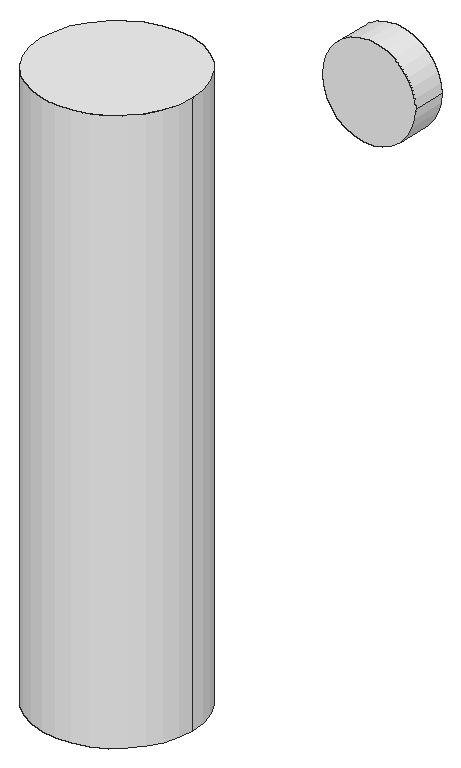
Revit family "Deca_Torneira para jardim_Torneira 1130_1130", category Plumbing Fixtures, host Face, Revit 2019
Family settings
  Host = Face
  Round Connector Dimension = Use Radius
  Part Type = Normal
  Cut with Voids When Loaded = No
  Shared = No
  Room Calculation Point = No
Parameters (values of type "1130.BC_Cromado")
  Vazão na Pressão mín. (L/min) = "14 l/min"
  Vazão na Pressão máx. (L/min) = "50 l/min"
  URL = "www.deca.com.br"
  Tipo de rosca de saída = "-"
  Tipo de rosca de entrada = "BSP NBR 8133"
  Tipo de mecanismo utilizado = "Mecanismo de Vedação Substituível"
  Tipo de dispositivo economizador = "Não"
  Segmento = "Banheiro Competitivo"
  Saída de Esgoto = "-"
  Raio Água Fria = 7.5 mm  # constant formula
  Pressão mín. funcionamento = "2 MCA"
  Pressão mín. Aquec. Passagem = "-"
  Pressão mín. Aquec. Acúmulo = "-"
  Pressão máx. funcionamento = "40 MCA"
  Peso Líquido (Kg) = 0.347
  Norma = "NBR10281"
  Model = "1130.BC"
  Material = Deca_Cromado
  Manufacturer = "Deca"
  Linha = "Torneira 1130"
  Itens de Instalação = "-"
  Informações Complementares = "-"
  Description = "Torneira para jardim"
  Default Elevation = 1100 mm
  Diâmetro Água Fria = Raio Água Fria * 2  # 15 mm
  Código Pai = "1130"
  Criado por = "quattroD"
  Cores Componente = "-"
  Cor Secundária = "-"
  Cor Principal = "Cromado"
  Cor Interna = "-"
  Consumo = "-"
  Composição Componente = "-"
  Composição Básica = "Liga de Cobre (bronze e latão),Plásticos de Engenharia,Elastômeros"
  Composição Assento = "-"
  Composição Anel Vedação = "-"
  Categoria = "METAIS PARA AREA SERVICO"
  Atendimento ao Cliente = "0800-0117073"
  Aprovado por = "quattroD"
  Acompanha o Produto = "-"
Reference planes
  plane 1 "Center (Front/Back)": y = 0
  plane 2: z = 0
  plane 3 "Center (Left/Right)": x = 0
Forms (mm)
  Extrusion 1, solid, material "Deca_Cromado"
    sketch origin (-0.005, 20.43, 20.43) x (0, -1, 0) y (1, 0, 0)
      loop
        circle (20.43, 0) r 10.564
    from 0 to 78.791
  Extrusion 2, solid, material "Deca_Cromado"
    sketch origin (0, -66.591, 352.776) x (1, 0, 0) y (0, 0, -1)
      loop
        circle (0.013, 275.763) r 6.45
    from 110.315 to 114.916
Lines and regions (mm)
  Masking region 1
    outline origin (0, 0, 0) x (1, 0, 0) y (0, 1, 0)
      loop
        line (9.511, 39.466) -> (6.472, 39.466) -> (6.472, 43.567) -> (7.027, 48.088) -> (23.479, 48.088) -> (23.479, 51.086)
        arc (23.479, 51.086) -> (22.792, 54.609) -> (21.132, 57.79) r 12.493
        arc (21.132, 57.79) -> (20.597, 58.359) -> (19.977, 58.832) r 4.777
        arc (19.977, 58.832) -> (17.413, 59.588) -> (14.849, 58.832) r 4.725
        arc (14.849, 58.832) -> (11.69, 59.509) -> (9.292, 57.343) r 3.548
        arc (9.292, 57.343) -> (5.568, 56.38) -> (1.844, 57.343) r 7.679
        arc (1.844, 57.343) -> (1.893, 58.418) -> (1.214, 59.252) r 1.51
        arc (1.214, 59.252) -> (-0.073, 59.617) -> (-1.34, 59.186) r 2.25
        arc (-1.34, 59.186) -> (-2.086, 58.263) -> (-2.02, 57.077) r 1.653
        arc (-2.02, 57.077) -> (-5.588, 56.56) -> (-9.156, 57.077) r 12.574
        arc (-9.156, 57.077) -> (-9.876, 58.815) -> (-11.614, 59.535) r 2.458
        arc (-11.614, 59.535) -> (-13.086, 59.572) -> (-14.431, 58.977) r 3.355
        arc (-14.431, 58.977) -> (-14.885, 58.862) -> (-15.282, 59.108) r 0.599
        arc (-15.282, 59.108) -> (-16.337, 59.476) -> (-17.448, 59.588) r 4.771
        arc (-17.448, 59.588) -> (-19.478, 59.099) -> (-21.105, 57.792) r 4.777
        arc (-21.105, 57.792) -> (-22.728, 54.717) -> (-23.44, 51.314) r 12.491
        line (-23.44, 51.314) -> (-23.44, 48.088) -> (-7.002, 48.088) -> (-6.447, 43.567) -> (-6.447, 39.385) -> (-9.498, 39.385)
        arc (-9.498, 39.385) -> (-9.997, 39.251) -> (-10.361, 38.887) r 0.997
        line (-10.361, 38.887) -> (-14.268, 32.12) -> (-14.268, 23.917) -> (-12.694, 22.343) -> (-10.551, 22.343) -> (-10.551, -0.053)
        arc (-10.551, -0.053) -> (-10.246, -3.078) -> (-9.343, -5.982) r 15.152
        arc (-9.343, -5.982) -> (-8.951, -8.959) -> (-8.82, -11.96) r 34.427
        line (-8.82, -11.96) -> (-8.82, -16.863)
        arc (-8.82, -16.863) -> (-10.382, -17.33) -> (-11.709, -18.277) r 4.963
      loop
        line (-11.615, -18.183) -> (-13.379, -19.947)
        arc (-13.379, -19.947) -> (-13.755, -20.473) -> (-13.941, -21.093) r 1.971
        line (-13.941, -21.093) -> (-13.941, -26.149)
        arc (-13.941, -26.149) -> (-13.609, -27.172) -> (-12.741, -27.806) r 1.745
        line (-12.741, -27.806) -> (-11.665, -28.515)
        arc (-11.665, -28.515) -> (-11.083, -28.846) -> (-10.464, -29.099) r 5.225
        line (-10.464, -29.099) -> (-8.98, -29.598) -> (-7.223, -30.013) -> (-5.247, -30.333) -> (-3.11, -30.548) -> (-0.879, -30.65) -> (1.379, -30.638) -> (3.596, -30.511) -> (5.704, -30.274) -> (7.639, -29.933) -> (9.343, -29.499) -> (10.763, -28.985) -> (12.637, -27.887)
        arc (12.637, -27.887) -> (13.473, -27.149) -> (13.968, -26.149) r 2.897
        line (13.968, -26.149) -> (13.968, -21.093)
        arc (13.968, -21.093) -> (13.791, -20.493) -> (13.436, -19.978) r 1.977
        line (13.436, -19.978) -> (11.735, -18.278)
        arc (11.735, -18.278) -> (10.407, -17.315) -> (8.845, -16.813) r 5.21
        line (8.845, -16.813) -> (8.845, -11.96)
        arc (8.845, -11.96) -> (9.017, -8.689) -> (9.529, -5.454) r 31.294
        arc (9.529, -5.454) -> (10.312, -3.045) -> (10.577, -0.526) r 12.115
        line (10.577, -0.526) -> (10.577, 22.343) -> (12.72, 22.343) -> (14.306, 23.929) -> (14.306, 32.099) -> (10.387, 38.887)
        arc (10.387, 38.887) -> (10.022, 39.251) -> (9.524, 39.385) r 0.997
  Masking region 2
    outline origin (0, 0, 0) x (1, 0, 0) y (0, 0, 1)
      loop
        line (9.868, 20.43) -> (10.554, 20.826) -> (10.554, 58.74)
        arc (10.554, 58.74) -> (11.963, 58.973) -> (13.386, 59.097) r 18.441
        arc (13.386, 59.097) -> (14.648, 59.241) -> (15.802, 59.773) r 4
        arc (15.802, 59.773) -> (16.615, 60.442) -> (17.283, 61.255) r 5.443
        arc (17.283, 61.255) -> (17.781, 62.292) -> (17.963, 63.428) r 4
        arc (17.963, 63.428) -> (19.141, 69.134) -> (22.343, 74.002) r 15.501
        arc (22.343, 74.002) -> (23.018, 74.934) -> (23.399, 76.02) r 4
        arc (23.399, 76.02) -> (23.501, 77.067) -> (23.399, 78.115) r 5.443
        arc (23.399, 78.115) -> (23.018, 79.2) -> (22.343, 80.132) r 4
        arc (22.343, 80.132) -> (19.141, 85) -> (17.963, 90.706) r 15.501
        arc (17.963, 90.706) -> (17.781, 91.842) -> (17.283, 92.879) r 4
        arc (17.283, 92.879) -> (16.615, 93.692) -> (15.802, 94.361) r 5.443
        arc (15.802, 94.361) -> (14.648, 94.893) -> (13.386, 95.037) r 4
        arc (13.386, 95.037) -> (11.963, 95.161) -> (10.554, 95.394) r 18.441
        arc (10.554, 95.394) -> (10.467, 101.45) -> (9.932, 107.483) r 81.74
        line (9.932, 107.483) -> (10.855, 108.473) -> (12.175, 110.344) -> (13.147, 112.401) -> (13.742, 114.585) -> (13.944, 116.849)
        arc (13.944, 116.849) -> (14.015, 117.876) -> (13.944, 118.904) r 7.512
        line (13.944, 118.904) -> (13.62, 121.251) -> (12.921, 123.407) -> (11.852, 125.42) -> (10.444, 127.231) -> (8.736, 128.79) -> (6.778, 130.051) -> (4.626, 130.978) -> (2.342, 131.545) -> (-0.01, 131.736)
        arc (-0.01, 131.736) -> (-1.514, 131.608) -> (-3.012, 131.424) r 40.504
        line (-3.012, 131.424) -> (-5.266, 130.754) -> (-7.37, 129.73) -> (-9.263, 128.381) -> (-10.891, 126.747) -> (-12.208, 124.874) -> (-13.176, 122.816) -> (-13.768, 120.63) -> (-13.964, 118.396) -> (-13.964, 116.834) -> (-13.894, 115.51) -> (-13.46, 113.292) -> (-12.641, 111.175) -> (-11.461, 109.22) -> (-9.856, 107.372)
        arc (-9.856, 107.372) -> (-10.503, 101.4) -> (-10.574, 95.394) r 62.523
        arc (-10.574, 95.394) -> (-11.984, 95.161) -> (-13.407, 95.037) r 18.441
        arc (-13.407, 95.037) -> (-14.669, 94.893) -> (-15.823, 94.361) r 4
        arc (-15.823, 94.361) -> (-16.635, 93.692) -> (-17.304, 92.879) r 5.443
        arc (-17.304, 92.879) -> (-17.802, 91.842) -> (-17.984, 90.706) r 4
        arc (-17.984, 90.706) -> (-19.162, 85) -> (-22.364, 80.132) r 15.501
        arc (-22.364, 80.132) -> (-23.039, 79.2) -> (-23.42, 78.114) r 4
        arc (-23.42, 78.114) -> (-23.522, 77.067) -> (-23.42, 76.02) r 5.443
        arc (-23.42, 76.02) -> (-23.039, 74.934) -> (-22.364, 74.002) r 4
        arc (-22.364, 74.002) -> (-19.162, 69.134) -> (-17.984, 63.428) r 15.501
        arc (-17.984, 63.428) -> (-17.786, 62.242) -> (-17.244, 61.168) r 4
        arc (-17.244, 61.168) -> (-16.633, 60.445) -> (-15.91, 59.833) r 5.668
        arc (-15.91, 59.833) -> (-14.836, 59.292) -> (-13.65, 59.094) r 4
        arc (-13.65, 59.094) -> (-12.11, 59.036) -> (-10.574, 58.909) r 33.974
        line (-10.574, 58.909) -> (-10.574, 21.116) -> (-9.889, 20.43) -> (-9.889, 1) -> (-8.889, 0) -> (8.868, 0) -> (9.868, 1) -> (9.868, 20.43)
  Masking region 3
    outline origin (0, 0, 0) x (0, 1, 0) y (0, 0, 1)
      loop
        arc (51.238, 53.605) -> (54.66, 54.278) -> (57.762, 55.87) r 12.491
        arc (57.762, 55.87) -> (58.96, 57.183) -> (59.594, 58.842) r 4.771
        arc (59.594, 58.842) -> (59.577, 60.683) -> (58.888, 62.39) r 4.946
        arc (58.888, 62.39) -> (59.217, 62.847) -> (59.445, 63.361) r 2.745
        arc (59.445, 63.361) -> (59.677, 64.821) -> (59.445, 66.281) r 4.712
        arc (59.445, 66.281) -> (58.481, 67.559) -> (56.935, 67.974) r 2.461
        arc (56.935, 67.974) -> (56.311, 71.597) -> (56.698, 75.252) r 13.357
        line (56.698, 75.252) -> (58.462, 75.407)
        arc (58.462, 75.407) -> (59.042, 75.596) -> (59.474, 76.026) r 1.315
        arc (59.474, 76.026) -> (59.672, 76.731) -> (59.654, 77.464) r 2.459
        arc (59.654, 77.464) -> (59.381, 78.167) -> (58.814, 78.664) r 1.584
        arc (58.814, 78.664) -> (57.819, 78.831) -> (56.811, 78.887) r 9.08
        arc (56.811, 78.887) -> (56.418, 82.568) -> (57.041, 86.218) r 13.49
        arc (57.041, 86.218) -> (59.385, 87.816) -> (59.505, 90.651) r 3.163
        arc (59.505, 90.651) -> (59.223, 91.217) -> (58.896, 91.76) r 7.937
        arc (58.896, 91.76) -> (59.581, 93.471) -> (59.59, 95.314) r 4.936
        arc (59.59, 95.314) -> (58.952, 96.963) -> (57.758, 98.266) r 4.772
        arc (57.758, 98.266) -> (54.624, 99.869) -> (51.167, 100.533) r 12.493
        line (51.167, 100.533) -> (48.169, 100.533) -> (48.169, 84.052) -> (43.567, 83.487) -> (43.567, 81.084) -> (42.954, 80.471) -> (42.954, 83.017) -> (39.466, 83.017) -> (39.466, 86.549)
        arc (39.466, 86.549) -> (39.332, 87.047) -> (38.967, 87.412) r 0.997
        line (38.967, 87.412) -> (32.179, 91.33) -> (24.01, 91.33) -> (22.017, 89.338) -> (18.564, 89.338)
        arc (18.564, 89.338) -> (12.907, 91.681) -> (10.564, 97.338) r 8
        arc (10.564, 97.338) -> (8.483, 108.018) -> (1.64, 116.478) r 22.535
        line (1.64, 116.478) -> (-0.053, 117.757)
        arc (-0.053, 117.757) -> (-6.911, 121.451) -> (-14.226, 124.123) r 54.176
        arc (-14.226, 124.123) -> (-15.212, 124.801) -> (-15.703, 125.893) r 2.218
        line (-15.703, 125.893) -> (-15.627, 127.969) -> (-16.93, 130.188) -> (-21.985, 131.736) -> (-22.995, 131.003) -> (-26.79, 118.613) -> (-30.579, 106.22) -> (-30.152, 105.048) -> (-25.096, 103.502) -> (-22.774, 104.611) -> (-21.675, 106.375)
        arc (-21.675, 106.375) -> (-20.678, 107.191) -> (-19.39, 107.229) r 1.999
        line (-19.39, 107.229) -> (-14.462, 105.487)
        arc (-14.462, 105.487) -> (-11.609, 102.639) -> (-10.564, 98.745) r 7.779
        line (-10.564, 98.745) -> (-10.564, 21.116) -> (-9.879, 20.43) -> (-9.879, 1) -> (-8.879, 0) -> (8.879, 0) -> (9.879, 1) -> (9.879, 20.43) -> (10.564, 21.116) -> (10.564, 56.757)
        arc (10.564, 56.757) -> (12.911, 62.399) -> (18.557, 64.738) r 8
        line (18.557, 64.738) -> (22.017, 64.738) -> (23.981, 62.774) -> (32.23, 62.774) -> (38.967, 66.664)
        arc (38.967, 66.664) -> (39.332, 67.028) -> (39.466, 67.527) r 0.997
        line (39.466, 67.527) -> (39.466, 71.058) -> (42.954, 71.058) -> (42.954, 73.604) -> (43.723, 73.452) -> (43.723, 70.563) -> (48.193, 70.014) -> (48.193, 53.583) -> (51.39, 53.583)
  symbolic lines
    curve 1: arc (-21.105, 57.792, 0) -> (-22.766, 54.609, 0) -> (-23.453, 51.086, 0) r 12.491
    curve 2: arc (-19.493, 56.506, 0) -> (-20.197, 55.349, 0) -> (-20.747, 54.112, 0) r 10.488
    curve 3: arc (-20.054, 56.918, 0) -> (-21.375, 54.418, 0) -> (-22.028, 51.668, 0) r 11.191
    curve 4: arc (-17.448, 59.588, 0) -> (-19.478, 59.099, 0) -> (-21.105, 57.792, 0) r 4.777
    curve 5: line (-23.471, 48.169, 0) -> (23.497, 48.169, 0)
    curve 6: line (-23.471, 48.169, 0) -> (-23.471, 50.796, 0)
    curve 7: line (-22.341, 50.587, 0) -> (-22.341, 48.088, 0)
    curve 8: line (-17.961, 48.088, 0) -> (-17.961, 50.587, 0)
    curve 9: line (-16.356, 48.088, 0) -> (-16.356, 50.796, 0)
    curve 10: line (-3.052, 48.088, 0) -> (-3.052, 50.587, 0)
    curve 11: line (23.497, 50.835, 0) -> (23.497, 48.169, 0)
    curve 12: line (23.497, 50.835, 0) -> (23.497, 48.169, 0)
    curve 13: arc (23.479, 51.086, 0) -> (22.792, 54.609, 0) -> (21.132, 57.79, 0) r 12.493
    curve 14: line (8.708, 53.272, 0) -> (7.929, 55.771, 0)
    curve 15: line (3.757, 55.771, 0) -> (5.71, 53.272, 0)
    curve 16: line (3.757, 55.771, 0) -> (3.445, 53.729, 0)
    curve 17: arc (5.71, 53.272, 0) -> (3.78, 53.023, 0) -> (1.896, 52.533, 0) r 15.402
    curve 18: line (-5.685, 53.272, 0) -> (-3.731, 55.771, 0)
    curve 19: line (-3.731, 55.771, 0) -> (-3.419, 53.729, 0)
    curve 20: arc (-1.896, 52.541, 0) -> (-3.767, 53.026, 0) -> (-5.685, 53.272, 0) r 15.402
    curve 21: line (-1.787, 56.408, 0) -> (-3.837, 56.151, 0)
    curve 22: line (3.862, 56.151, 0) -> (1.905, 56.396, 0)
    curve 23: line (4.999, 52.012, 0) -> (6.351, 52.17, 0)
    curve 24: line (4.999, 52.012, 0) -> (6.351, 52.17, 0)
    curve 25: line (7.782, 52.223, 0) -> (9.272, 52.17, 0)
    curve 26: line (6.351, 52.17, 0) -> (7.782, 52.223, 0)
    curve 27: line (3.744, 51.755, 0) -> (4.999, 52.012, 0)
    curve 28: line (2.6, 51.406, 0) -> (3.744, 51.755, 0)
    curve 29: line (9.272, 52.17, 0) -> (10.796, 52.012, 0)
    curve 30: line (10.796, 52.012, 0) -> (12.332, 51.755, 0)
    curve 31: line (12.332, 51.755, 0) -> (13.857, 51.406, 0)
    curve 32: arc (13.857, 51.406, 0) -> (14.332, 51.308, 0) -> (14.814, 51.261, 0) r 4.56
    curve 33: line (3.077, 50.587, 0) -> (3.077, 48.088, 0)
    curve 34: line (13.652, 48.088, 0) -> (13.652, 50.587, 0)
    curve 35: line (16.855, 48.088, 0) -> (16.855, 50.796, 0)
    curve 36: line (16.382, 50.796, 0) -> (16.382, 48.088, 0)
    curve 37: line (17.986, 50.587, 0) -> (17.986, 48.088, 0)
    curve 38: line (22.366, 48.088, 0) -> (22.366, 50.639, 0)
    curve 39: line (20.772, 52.517, 0) -> (20.772, 54.112, 0)
    curve 40: line (20.772, 52.517, 0) -> (20.772, 54.112, 0)
    curve 41: arc (22.053, 51.668, 0) -> (21.4, 54.42, 0) -> (20.078, 56.92, 0) r 11.193
    curve 42: arc (-15.73, 57.918, 0) -> (-18.073, 58.199, 0) -> (-20.054, 56.918, 0) r 3.472
    curve 43: line (-20.747, 54.112, 0) -> (-20.747, 52.517, 0)
    curve 44: line (-3.837, 56.151, 0) -> (-5.813, 56.075, 0)
    curve 45: line (-5.813, 56.075, 0) -> (-7.686, 56.182, 0)
    curve 46: line (-7.904, 55.771, 0) -> (-8.683, 53.272, 0)
    curve 47: line (-7.904, 55.771, 0) -> (-8.683, 53.272, 0)
    curve 48: line (-9.847, 53.164, 0) -> (-11.022, 53.001, 0)
    curve 49: line (-8.683, 53.272, 0) -> (-9.847, 53.164, 0)
    curve 50: line (-11.022, 53.001, 0) -> (-13.367, 52.517, 0)
    curve 51: line (-11.022, 53.001, 0) -> (-13.367, 52.517, 0)
    curve 52: line (-13.627, 50.587, 0) -> (-13.627, 48.088, 0)
    curve 53: line (0.667, 51.486, 0) -> (0.66, 52.516, 0)
    curve 54: line (-0.636, 52.395, 0) -> (-0.642, 51.523, 0)
    curve 55: line (-1.896, 52.541, 0) -> (-1.905, 51.406, 0)
    curve 56: line (1.923, 56.003, 0) -> (3.757, 55.771, 0)
    curve 57: line (-3.731, 55.771, 0) -> (-1.805, 56.015, 0)
    curve 58: line (-16.984, 54.089, 0) -> (-17.982, 53.272, 0)
    curve 59: line (-21.391, 50.935, 0) -> (-22.341, 50.587, 0)
    curve 60: line (-19.247, 53.001, 0) -> (-20.747, 52.517, 0)
    curve 61: line (-16.83, 50.796, 0) -> (-16.83, 48.088, 0)
    curve 62: arc (-15.282, 59.108, 0) -> (-16.337, 59.476, 0) -> (-17.448, 59.588, 0) r 4.771
    curve 63: line (-7.686, 56.182, 0) -> (-9.41, 56.464, 0)
    curve 64: line (-7.686, 56.182, 0) -> (-9.41, 56.464, 0)
    curve 65: arc (20.772, 54.112, 0) -> (20.223, 55.349, 0) -> (19.518, 56.506, 0) r 10.488
    curve 66: arc (21.132, 57.79, 0) -> (20.597, 58.359, 0) -> (19.977, 58.832, 0) r 4.777
    curve 67: arc (-19.493, 56.506, 0) -> (-17.948, 57.511, 0) -> (-16.132, 57.199, 0) r 2.525
    curve 68: line (-14.003, 53.399, 0) -> (-14.134, 52.54, 0)
    curve 69: line (-14.134, 52.54, 0) -> (-14.219, 51.668, 0)
    curve 70: line (-13.367, 52.517, 0) -> (-14.219, 51.668, 0)
    curve 71: arc (-14.793, 51.261, 0) -> (-14.308, 51.308, 0) -> (-13.832, 51.406, 0) r 4.56
    curve 72: line (7.711, 56.182, 0) -> (5.838, 56.075, 0)
    curve 73: line (5.838, 56.075, 0) -> (3.862, 56.151, 0)
    curve 74: line (9.436, 56.464, 0) -> (7.711, 56.182, 0)
    curve 75: line (9.436, 56.464, 0) -> (7.711, 56.182, 0)
    curve 76: line (7.929, 55.771, 0) -> (9.834, 56.066, 0)
    curve 77: line (9.873, 53.164, 0) -> (8.708, 53.272, 0)
    curve 78: line (11.048, 53.001, 0) -> (9.873, 53.164, 0)
    curve 79: line (13.393, 52.517, 0) -> (11.048, 53.001, 0)
    curve 80: line (13.393, 52.517, 0) -> (11.048, 53.001, 0)
    curve 81: line (15.797, 54.091, 0) -> (15.944, 53.258, 0)
    curve 82: line (16.053, 52.395, 0) -> (16.053, 51.407, 0)
    curve 83: line (15.944, 53.258, 0) -> (16.053, 52.395, 0)
    curve 84: line (15.612, 54.906, 0) -> (15.797, 54.091, 0)
    curve 85: arc (-13.627, 50.587, 0) -> (-8.339, 51.423, 0) -> (-3.052, 50.587, 0) r 17.133
    curve 86: arc (-13.832, 51.406, 0) -> (-7.868, 52.355, 0) -> (-1.905, 51.406, 0) r 19.225
    curve 87: arc (-21.391, 50.935, 0) -> (-20.42, 51.224, 0) -> (-19.421, 51.39, 0) r 8.15
    curve 88: arc (-19.421, 51.39, 0) -> (-18.542, 51.26, 0) -> (-17.961, 50.587, 0) r 1.274
    curve 89: arc (-22.028, 51.668, 0) -> (-22.756, 51.242, 0) -> (-23.471, 50.796, 0) r 29.639
    curve 90: arc (-22.341, 50.587, 0) -> (-22.903, 50.471, 0) -> (-23.471, 50.388, 0) r 9.887
    curve 91: line (-20.747, 52.517, 0) -> (-22.028, 51.668, 0)
    curve 92: arc (-17.982, 53.272, 0) -> (-18.621, 53.168, 0) -> (-19.247, 53.001, 0) r 6.408
    curve 93: line (-17.23, 52.804, 0) -> (-17.336, 51.919, 0)
    curve 94: line (-17.09, 53.617, 0) -> (-17.23, 52.804, 0)
    curve 95: line (-16.691, 55.191, 0) -> (-16.91, 54.414, 0)
    curve 96: line (-16.435, 55.943, 0) -> (-16.691, 55.191, 0)
    curve 97: line (-16.143, 56.669, 0) -> (-16.435, 55.943, 0)
    curve 98: line (-16.143, 56.669, 0) -> (-16.435, 55.943, 0)
    curve 99: line (-16.103, 51.443, 0) -> (-16.015, 52.516, 0)
    curve 100: line (-16.015, 52.516, 0) -> (-15.875, 53.531, 0)
    curve 101: line (-15.875, 53.531, 0) -> (-15.672, 54.553, 0)
    curve 102: line (-15.672, 54.553, 0) -> (-15.412, 55.546, 0)
    curve 103: line (-22.154, 51.406, 0) -> (-21.141, 51.755, 0)
    curve 104: line (-21.141, 51.755, 0) -> (-20.224, 52.012, 0)
    curve 105: line (-20.224, 52.012, 0) -> (-19.42, 52.17, 0)
    curve 106: arc (-19.42, 52.17, 0) -> (-18.358, 52.209, 0) -> (-17.336, 51.919, 0) r 3.406
    curve 107: arc (-13.627, 50.587, 0) -> (-14.718, 50.415, 0) -> (-15.808, 50.587, 0) r 3.535
    curve 108: arc (-15.808, 50.587, 0) -> (-15.325, 50.961, 0) -> (-14.793, 51.261, 0) r 4.216
    curve 109: arc (-15.808, 50.587, 0) -> (-15.847, 51.052, 0) -> (-16.103, 51.443, 0) r 0.948
    curve 110: arc (-14.003, 53.399, 0) -> (-13.394, 55.626, 0) -> (-12.289, 57.652, 0) r 9.945
    curve 111: arc (-15.412, 55.546, 0) -> (-14.788, 57.228, 0) -> (-13.847, 58.755, 0) r 9.091
    curve 112: arc (-15.204, 57.662, 0) -> (-14.029, 57.679, 0) -> (-13.036, 57.052, 0) r 2.065
    curve 113: line (-7.002, 48.088, 0) -> (-6.447, 43.567, 0)
    curve 114: line (-6.437, 43.723, 0) -> (6.492, 43.723, 0)
    curve 115: line (6.472, 43.567, 0) -> (7.027, 48.088, 0)
    curve 116: line (6.472, 43.567, 0) -> (-6.447, 43.567, 0)
    curve 117: line (-5.967, 39.385, 0) -> (-5.967, 42.873, 0)
    curve 118: line (5.992, 42.873, 0) -> (5.992, 39.385, 0)
    curve 119: line (-5.967, 42.873, 0) -> (5.992, 42.873, 0)
    curve 120: line (9.524, 39.385, 0) -> (-9.498, 39.385, 0)
    curve 121: arc (-9.498, 39.385, 0) -> (-9.997, 39.251, 0) -> (-10.361, 38.887, 0) r 0.997
    curve 122: arc (10.387, 38.887, 0) -> (10.022, 39.251, 0) -> (9.524, 39.385, 0) r 0.997
    curve 123: line (10.387, 38.887, 0) -> (-10.361, 38.887, 0)
    curve 124: line (-10.361, 38.887, 0) -> (-14.268, 32.12, 0)
    curve 125: line (-14.268, 32.12, 0) -> (-14.268, 23.917, 0)
    curve 126: line (-10.114, 32.052, 0) -> (-10.043, 23.929, 0)
    curve 127: line (10.14, 23.955, 0) -> (10.069, 32.099, 0)
    curve 128: line (10.14, 23.955, 0) -> (10.069, 32.099, 0)
    curve 129: line (14.306, 23.929, 0) -> (14.306, 32.099, 0)
    curve 130: line (14.306, 23.929, 0) -> (14.306, 32.099, 0)
    curve 131: line (14.306, 32.099, 0) -> (10.387, 38.887, 0)
    curve 132: line (12.72, 22.343, 0) -> (-12.694, 22.343, 0)
    curve 133: line (12.72, 22.343, 0) -> (-12.694, 22.343, 0)
    curve 134: line (-14.268, 23.917, 0) -> (-12.694, 22.343, 0)
    curve 135: line (14.306, 23.929, 0) -> (12.72, 22.343, 0)
    curve 136: line (-10.551, -0.053, 0) -> (-10.551, 22.343, 0)
    curve 137: line (10.577, -0.054, 0) -> (10.577, 22.343, 0)
    curve 138: line (10.577, -0.054, 0) -> (10.577, 22.343, 0)
    curve 139: line (-13.941, -21.093, 0) -> (-13.941, -26.149, 0)
    curve 140: line (13.968, -26.149, 0) -> (13.968, -21.093, 0)
    curve 141: line (-13.513, -27.154, 0) -> (-13.898, -26.472, 0)
    curve 142: line (-12.741, -27.806, 0) -> (-13.513, -27.154, 0)
    curve 143: line (-12.741, -27.806, 0) -> (-11.83, -28.406, 0)
    curve 144: line (-10.464, -29.099, 0) -> (-11.629, -28.533, 0)
    curve 145: line (-8.98, -29.598, 0) -> (-10.464, -29.099, 0)
    curve 146: line (-8.98, -29.598, 0) -> (-10.464, -29.099, 0)
    curve 147: line (-7.223, -30.013, 0) -> (-8.98, -29.598, 0)
    curve 148: line (-5.247, -30.333, 0) -> (-7.223, -30.013, 0)
    curve 149: line (-3.11, -30.548, 0) -> (-5.247, -30.333, 0)
    curve 150: line (-0.879, -30.65, 0) -> (-3.11, -30.548, 0)
    curve 151: line (3.596, -30.511, 0) -> (1.379, -30.638, 0)
    curve 152: line (1.379, -30.638, 0) -> (-0.879, -30.65, 0)
    curve 153: line (5.704, -30.274, 0) -> (3.596, -30.511, 0)
    curve 154: line (7.639, -29.933, 0) -> (5.704, -30.274, 0)
    curve 155: line (9.343, -29.499, 0) -> (7.639, -29.933, 0)
    curve 156: line (9.343, -29.499, 0) -> (7.639, -29.933, 0)
    curve 157: line (10.763, -28.985, 0) -> (9.343, -29.499, 0)
    curve 158: line (11.856, -28.406, 0) -> (10.763, -28.985, 0)
    curve 159: line (11.856, -28.406, 0) -> (12.766, -27.806, 0)
    curve 160: arc (12.766, -27.806, 0) -> (13.518, -27.087, 0) -> (13.968, -26.149, 0) r 2.897
    curve 161: line (-13.742, -25.461, 0) -> (-13.149, -24.792, 0)
    curve 162: line (-13.149, -24.792, 0) -> (-12.179, -24.162, 0)
    curve 163: line (-12.179, -24.162, 0) -> (-10.86, -23.59, 0)
    curve 164: line (-12.179, -24.162, 0) -> (-10.86, -23.59, 0)
    curve 165: line (-10.86, -23.59, 0) -> (-9.23, -23.09, 0)
    curve 166: line (-9.23, -23.09, 0) -> (-7.336, -22.678, 0)
    curve 167: line (-9.23, -23.09, 0) -> (-7.336, -22.678, 0)
    curve 168: line (-7.336, -22.678, 0) -> (-5.231, -22.365, 0)
    curve 169: line (-5.231, -22.365, 0) -> (-2.977, -22.161, 0)
    curve 170: line (-2.977, -22.161, 0) -> (-0.636, -22.07, 0)
    curve 171: line (2.365, -22.124, 0) -> (4.649, -22.298, 0)
    curve 172: line (4.649, -22.298, 0) -> (6.802, -22.582, 0)
    curve 173: line (6.802, -22.582, 0) -> (8.759, -22.967, 0)
    curve 174: line (8.759, -22.967, 0) -> (10.467, -23.444, 0)
    curve 175: line (10.467, -23.444, 0) -> (11.875, -23.999, 0)
    curve 176: line (11.875, -23.999, 0) -> (12.944, -24.614, 0)
    curve 177: line (12.944, -24.614, 0) -> (13.643, -25.274, 0)
    curve 178: line (-5.247, -23.402, 0) -> (-3.11, -23.188, 0)
    curve 179: line (-7.223, -23.722, 0) -> (-5.247, -23.402, 0)
    curve 180: line (-8.98, -24.137, 0) -> (-7.223, -23.722, 0)
    curve 181: line (-10.464, -24.636, 0) -> (-8.98, -24.137, 0)
    curve 182: line (-11.629, -25.202, 0) -> (-10.464, -24.636, 0)
    curve 183: line (-12.44, -25.819, 0) -> (-11.629, -25.202, 0)
    curve 184: line (-3.11, -23.188, 0) -> (-0.879, -23.085, 0)
    curve 185: line (-0.879, -23.085, 0) -> (0.013, -23.076, 0)
    curve 186: line (0.013, -23.076, 0) -> (2.263, -23.133, 0)
    curve 187: line (0.013, -23.076, 0) -> (2.263, -23.133, 0)
    curve 188: line (2.263, -23.133, 0) -> (4.445, -23.304, 0)
    curve 189: line (4.445, -23.304, 0) -> (6.492, -23.584, 0)
    curve 190: line (6.492, -23.584, 0) -> (8.342, -23.963, 0)
    curve 191: line (8.342, -23.963, 0) -> (9.939, -24.43, 0)
    curve 192: line (9.939, -24.43, 0) -> (11.235, -24.972, 0)
    curve 193: line (11.235, -24.972, 0) -> (12.19, -25.571, 0)
    curve 194: line (12.19, -25.571, 0) -> (12.774, -26.209, 0)
    curve 195: arc (-12.44, -25.819, 0) -> (-12.934, -26.815, 0) -> (-12.44, -27.811, 0) r 1.251
    curve 196: arc (12.774, -26.209, 0) -> (13.074, -27.075, 0) -> (12.647, -27.885, 0) r 1.152
    curve 197: arc (-0.636, -22.07, 0) -> (0.865, -22.054, 0) -> (2.365, -22.124, 0) r 25.963
    curve 198: line (-11.709, -18.277, 0) -> (-13.379, -19.946, 0)
    curve 199: line (-11.315, -18.71, 0) -> (-9.78, -18.185, 0)
    curve 200: line (-12.526, -19.302, 0) -> (-11.315, -18.71, 0)
    curve 201: line (-9.78, -18.185, 0) -> (-7.964, -17.744, 0)
    curve 202: line (-7.964, -17.744, 0) -> (-5.921, -17.398, 0)
    curve 203: line (-5.921, -17.398, 0) -> (-3.707, -17.158, 0)
    curve 204: line (-3.707, -17.158, 0) -> (-1.387, -17.031, 0)
    curve 205: line (0.013, -17.011, 0) -> (2.365, -17.069, 0)
    curve 206: line (0.013, -17.011, 0) -> (2.365, -17.069, 0)
    curve 207: line (-1.387, -17.031, 0) -> (0.013, -17.011, 0)
    curve 208: line (2.365, -17.069, 0) -> (4.649, -17.243, 0)
    curve 209: line (4.649, -17.243, 0) -> (6.801, -17.526, 0)
    curve 210: line (6.801, -17.526, 0) -> (8.759, -17.912, 0)
    curve 211: line (8.759, -17.912, 0) -> (10.466, -18.389, 0)
    curve 212: line (10.466, -18.389, 0) -> (11.875, -18.943, 0)
    curve 213: line (10.466, -18.389, 0) -> (11.875, -18.943, 0)
    curve 214: line (10.466, -18.389, 0) -> (11.875, -18.943, 0)
    curve 215: line (13.404, -19.946, 0) -> (11.734, -18.277, 0)
    curve 216: line (11.875, -18.943, 0) -> (12.943, -19.559, 0)
    curve 217: arc (13.404, -19.946, 0) -> (13.781, -20.473, 0) -> (13.968, -21.093, 0) r 1.977
    curve 218: arc (-13.379, -19.946, 0) -> (-13.755, -20.473, 0) -> (-13.941, -21.093, 0) r 1.971
    curve 219: line (-8.82, -11.96, 0) -> (-8.82, -16.863, 0)
    curve 220: line (8.845, -16.813, 0) -> (8.845, -11.96, 0)
    curve 221: arc (-11.709, -18.277, 0) -> (-10.382, -17.33, 0) -> (-8.82, -16.863, 0) r 4.963
    curve 222: arc (8.845, -16.813, 0) -> (10.407, -17.315, 0) -> (11.734, -18.277, 0) r 5.21
    curve 223: line (-4.893, -16.008, 0) -> (-2.877, -15.809, 0)
    curve 224: line (-6.761, -16.307, 0) -> (-4.893, -16.008, 0)
    curve 225: line (-8.423, -16.697, 0) -> (-6.761, -16.307, 0)
    curve 226: line (-2.877, -15.809, 0) -> (-0.772, -15.715, 0)
    curve 227: line (0.013, -15.707, 0) -> (2.134, -15.762, 0)
    curve 228: line (-0.772, -15.715, 0) -> (0.013, -15.707, 0)
    curve 229: line (-0.772, -15.715, 0) -> (0.013, -15.707, 0)
    curve 230: line (2.134, -15.762, 0) -> (4.19, -15.923, 0)
    curve 231: line (4.19, -15.923, 0) -> (6.12, -16.186, 0)
    curve 232: line (6.12, -16.186, 0) -> (7.863, -16.544, 0)
    curve 233: line (7.863, -16.544, 0) -> (9.369, -16.984, 0)
    curve 234: line (-9.828, -17.165, 0) -> (-8.423, -16.697, 0)
    curve 235: arc (-8.028, -16.604, 0) -> (-0.034, -15.192, 0) -> (7.96, -16.604, 0) r 23.333
    curve 236: arc (-8.82, -11.96, 0) -> (-8.951, -8.959, 0) -> (-9.343, -5.982, 0) r 34.427
    curve 237: arc (-10.551, -0.053, 0) -> (-10.05, -3.038, 0) -> (-9.343, -5.982, 0) r 43.519
    curve 238: arc (8.845, -11.96, 0) -> (9.017, -8.689, 0) -> (9.529, -5.454, 0) r 31.294
    curve 239: arc (10.577, -0.054, 0) -> (10.077, -2.758, 0) -> (9.529, -5.454, 0) r 153.987
    curve 240: line (-0.005, 10.564, 0) -> (-0.005, -9.436, 0)
    curve 241: arc (10.559, 0, 0) -> (-0.005, 10.564, 0) -> (-10.569, 0, 0) r 10.564
    curve 242: arc (-10.551, 2.895, 0) -> (-8.827, 9.643, 0) -> (-5.379, 15.696, 0) r 26.094
    curve 243: arc (10.577, 2.648, 0) -> (8.986, 9.205, 0) -> (5.781, 15.141, 0) r 26.315
    curve 244: arc (-5.379, 15.696, 0) -> (0.347, 18.355, 0) -> (5.781, 15.141, 0) r 6.779
    curve 245: arc (-8.824, -11.436, 0) -> (-4.578, -9.717, 0) -> (-0.005, -9.436, 0) r 14.229
    curve 246: arc (-0.005, -9.436, 0) -> (4.611, -9.793, 0) -> (8.847, -11.662, 0) r 13.753
    curve 247: line (-10.043, 23.929, 0) -> (-8.794, 23.471, 0)
    curve 248: line (-1.32, 23.471, 0) -> (-0.059, 23.929, 0)
    curve 249: line (-9.347, 32.562, 0) -> (-10.114, 32.052, 0)
    curve 250: line (-0.059, 32.099, 0) -> (-0.76, 32.565, 0)
    curve 251: line (10.069, 32.099, 0) -> (9.369, 32.564, 0)
    curve 252: line (-0.059, 23.982, 0) -> (1.333, 23.471, 0)
    curve 253: line (8.807, 23.471, 0) -> (10.14, 23.955, 0)
    curve 254: line (-0.059, 32.099, 0) -> (-0.059, 23.982, 0)
    curve 255: arc (-9.347, 32.562, 0) -> (-5.054, 33.861, 0) -> (-0.76, 32.565, 0) r 7.753
    curve 256: arc (-1.32, 23.471, 0) -> (-5.057, 22.813, 0) -> (-8.794, 23.471, 0) r 10.946
    curve 257: arc (-0.059, 32.099, 0) -> (4.578, 33.884, 0) -> (9.369, 32.564, 0) r 7.942
    curve 258: arc (8.807, 23.471, 0) -> (5.07, 22.807, 0) -> (1.333, 23.471, 0) r 10.852
    curve 259: arc (10.14, 23.955, 0) -> (11.865, 22.899, 0) -> (13.815, 23.439, 0) r 2.539
    curve 260: arc (10.069, 32.099, 0) -> (10.518, 32.627, 0) -> (10.96, 33.161, 0) r 56.461
    curve 261: arc (14.306, 32.099, 0) -> (13.679, 32.885, 0) -> (13.068, 33.683, 0) r 49.827
    curve 262: arc (10.96, 33.161, 0) -> (11.898, 33.892, 0) -> (13.068, 33.683, 0) r 1.459
    curve 263: arc (-10.114, 32.052, 0) -> (-10.559, 32.732, 0) -> (-11.046, 33.382, 0) r 12.388
    curve 264: arc (-14.268, 32.12, 0) -> (-13.585, 33.047, 0) -> (-12.761, 33.854, 0) r 7.164
    curve 265: arc (-12.761, 33.854, 0) -> (-11.83, 33.886, 0) -> (-11.046, 33.382, 0) r 1.563
    curve 266: arc (-10.043, 23.929, 0) -> (-10.664, 23.46, 0) -> (-11.318, 23.037, 0) r 10.651
    curve 267: arc (-13.952, 23.601, 0) -> (-13.231, 23.11, 0) -> (-12.393, 22.874, 0) r 2.704
    curve 268: arc (-12.393, 22.874, 0) -> (-11.837, 22.837, 0) -> (-11.318, 23.037, 0) r 1.29
    curve 269: line (-17.329, 51.98, 0) -> (-17.383, 51.201, 0)
    curve 270: line (-16.91, 54.414, 0) -> (-17.09, 53.617, 0)
    curve 271: arc (-9.156, 57.077, 0) -> (-9.876, 58.815, 0) -> (-11.614, 59.535, 0) r 2.458
    curve 272: arc (-11.614, 59.535, 0) -> (-13.086, 59.572, 0) -> (-14.431, 58.977, 0) r 3.355
    curve 273: arc (-15.282, 59.108, 0) -> (-14.885, 58.862, 0) -> (-14.431, 58.977, 0) r 0.599
    curve 274: arc (-16.143, 56.669, 0) -> (-15.737, 57.895, 0) -> (-15.489, 59.162, 0) r 10.187
    curve 275: arc (-14.885, 58.862, 0) -> (-16.336, 54.945, 0) -> (-16.83, 50.796, 0) r 17.695
    curve 276: line (-21.105, 57.792, 0) -> (-19.997, 56.998, 0)
    curve 277: arc (-22.154, 51.406, 0) -> (-22.508, 51.041, 0) -> (-22.424, 50.539, 0) r 0.564
    curve 278: arc (-18.061, 50.796, 0) -> (-17.822, 51.166, 0) -> (-17.383, 51.201, 0) r 0.497
    curve 279: line (-17.961, 50.402, 0) -> (-16.83, 50.402, 0)
    curve 280: arc (-13.847, 58.755, 0) -> (-13.035, 59.408, 0) -> (-12.012, 59.61, 0) r 2.179
    curve 281: arc (-12.289, 57.652, 0) -> (-10.757, 58.445, 0) -> (-9.224, 57.652, 0) r 1.877
    curve 282: line (-9.809, 56.066, 0) -> (-7.904, 55.771, 0)
    curve 283: line (-9.809, 56.066, 0) -> (-7.904, 55.771, 0)
    curve 284: arc (-9.809, 56.066, 0) -> (-10.624, 57.532, 0) -> (-12.238, 57.077, 0) r 1.352
    curve 285: line (-12.634, 53.729, 0) -> (-13.367, 53.211, 0)
    curve 286: line (-13.004, 55.066, 0) -> (-12.634, 53.729, 0)
    curve 287: line (-13.367, 54.112, 0) -> (-13.367, 52.517, 0)
    curve 288: line (-12.822, 55.845, 0) -> (-11.954, 56.066, 0)
    curve 289: line (-12.074, 56.669, 0) -> (-9.916, 56.669, 0)
    curve 290: line (-10.267, 57.309, 0) -> (-11.886, 57.309, 0)
    curve 291: line (-13.367, 54.112, 0) -> (-12.238, 57.077, 0)
    curve 292: line (-13.627, 50.587, 0) -> (-13.89, 51.387, 0)
    curve 293: arc (-1.896, 52.541, 0) -> (-1.839, 55.143, 0) -> (-1.714, 57.743, 0) r 99.17
    curve 294: arc (1.802, 51.261, 0) -> (2.207, 51.303, 0) -> (2.6, 51.406, 0) r 2.683
    curve 295: arc (1.802, 51.261, 0) -> (1.953, 54.548, 0) -> (1.802, 57.835, 0) r 35.974
    curve 296: arc (1.802, 57.835, 0) -> (1.599, 58.642, 0) -> (1.111, 59.316, 0) r 2.194
    curve 297: arc (-1.714, 57.743, 0) -> (-1.599, 58.591, 0) -> (-1.141, 59.316, 0) r 2.017
    curve 298: arc (-1.141, 59.316, 0) -> (-0.015, 59.618, 0) -> (1.111, 59.316, 0) r 2.25
    curve 299: arc (-0.636, 52.395, 0) -> (-0.623, 55.963, 0) -> (-0.636, 59.53, 0) r 512.533
    curve 300: arc (0.66, 52.516, 0) -> (0.647, 56.015, 0) -> (0.66, 59.514, 0) r 488.416
    curve 301: arc (-1.743, 57.24, 0) -> (0.054, 57.688, 0) -> (1.852, 57.24, 0) r 3.827
    curve 302: line (20.772, 52.517, 0) -> (19.272, 53.001, 0)
    curve 303: line (22.053, 51.668, 0) -> (20.772, 52.517, 0)
    curve 304: line (18.007, 53.272, 0) -> (17.138, 53.983, 0)
    curve 305: arc (3.077, 50.587, 0) -> (8.365, 51.407, 0) -> (13.652, 50.587, 0) r 17.454
    curve 306: arc (17.986, 50.587, 0) -> (18.528, 51.288, 0) -> (19.405, 51.407, 0) r 1.168
    curve 307: arc (19.405, 51.407, 0) -> (20.895, 51.059, 0) -> (22.366, 50.639, 0) r 30.783
    curve 308: arc (17.566, 51.628, 0) -> (18.288, 52.183, 0) -> (19.198, 52.222, 0) r 1.509
    curve 309: arc (19.198, 52.222, 0) -> (21.444, 51.828, 0) -> (23.497, 50.835, 0) r 8.252
    curve 310: arc (22.366, 50.639, 0) -> (22.924, 50.488, 0) -> (23.497, 50.405, 0) r 4.787
    curve 311: arc (19.977, 58.832, 0) -> (17.413, 59.588, 0) -> (14.849, 58.832, 0) r 4.725
    curve 312: line (20.078, 56.92, 0) -> (21.19, 57.709, 0)
    curve 313: arc (20.078, 56.92, 0) -> (18.205, 58.204, 0) -> (15.948, 57.95, 0) r 3.252
    curve 314: arc (19.518, 56.506, 0) -> (17.948, 57.532, 0) -> (16.086, 57.298, 0) r 2.722
    curve 315: arc (12.931, 56.92, 0) -> (14.08, 57.631, 0) -> (15.431, 57.688, 0) r 2.668
    curve 316: arc (14.849, 58.832, 0) -> (16.681, 55.408, 0) -> (17.566, 51.628, 0) r 14.915
    curve 317: arc (14.849, 58.832, 0) -> (11.69, 59.509, 0) -> (9.292, 57.343, 0) r 3.548
    curve 318: arc (9.292, 57.343, 0) -> (9.048, 56.885, 0) -> (8.926, 56.38, 0) r 2.08
    curve 319: arc (12.931, 56.92, 0) -> (10.963, 58.382, 0) -> (9.436, 56.464, 0) r 1.763
    curve 320: arc (15.612, 54.906, 0) -> (14.687, 57.562, 0) -> (12.776, 59.626, 0) r 6.882
    curve 321: arc (13.652, 50.587, 0) -> (14.783, 50.412, 0) -> (15.915, 50.587, 0) r 3.734
    curve 322: line (14.814, 51.261, 0) -> (15.915, 50.587, 0)
    curve 323: line (-0.322, 48.088, 0) -> (-0.322, 50.796, 0)
    curve 324: line (0.347, 50.796, 0) -> (0.347, 48.088, 0)
    curve 325: line (-1.905, 51.406, 0) -> (-0.978, 50.479, 0)
    curve 326: line (1.802, 51.261, 0) -> (1.128, 50.587, 0)
    curve 327: arc (3.077, 50.587, 0) -> (2.103, 50.436, 0) -> (1.128, 50.587, 0) r 3.217
    curve 328: arc (-0.978, 50.479, 0) -> (-2.015, 50.388, 0) -> (-3.053, 50.479, 0) r 5.966
    curve 329: arc (12.931, 56.92, 0) -> (13.905, 54.182, 0) -> (14.332, 51.308, 0) r 14.945
    curve 330: arc (9.834, 56.066, 0) -> (10.266, 57.108, 0) -> (11.308, 57.54, 0) r 1.473
    curve 331: arc (11.308, 57.54, 0) -> (13.033, 55.312, 0) -> (13.393, 52.517, 0) r 5.37
    curve 332: line (4.626, 0, 130.978) -> (6.778, 0, 130.051)
    curve 333: line (6.778, 0, 130.051) -> (8.736, 0, 128.79)
    curve 334: line (8.736, 0, 128.79) -> (10.444, 0, 127.231)
    curve 335: line (10.444, 0, 127.231) -> (11.852, 0, 125.42)
    curve 336: line (11.852, 0, 125.42) -> (12.921, 0, 123.407)
    curve 337: line (11.852, 0, 125.42) -> (12.921, 0, 123.407)
    curve 338: line (12.921, 0, 123.407) -> (13.62, 0, 121.251)
    curve 339: line (2.342, 0, 131.545) -> (4.626, 0, 130.978)
    curve 340: line (-0.01, 0, 131.736) -> (2.342, 0, 131.545)
    curve 341: line (-0.01, 0, 131.736) -> (2.342, 0, 131.545)
    curve 342: line (-5.266, 0, 130.754) -> (-3.012, 0, 131.424)
    curve 343: line (-7.37, 0, 129.73) -> (-5.266, 0, 130.754)
    curve 344: line (-9.263, 0, 128.381) -> (-7.37, 0, 129.73)
    curve 345: line (-10.891, 0, 126.747) -> (-9.263, 0, 128.381)
    curve 346: line (-12.208, 0, 124.874) -> (-10.891, 0, 126.747)
    curve 347: line (-12.208, 0, 124.874) -> (-10.891, 0, 126.747)
    curve 348: line (-13.176, 0, 122.816) -> (-12.208, 0, 124.874)
    curve 349: line (-13.768, 0, 120.63) -> (-13.176, 0, 122.816)
    curve 350: line (-13.964, 0, 118.396) -> (-13.768, 0, 120.63)
    curve 351: line (13.62, 0, 121.251) -> (13.929, 0, 119.014)
    curve 352: line (12.92, 0, 121.859) -> (13.619, 0, 119.703)
    curve 353: line (11.852, 0, 123.872) -> (12.92, 0, 121.859)
    curve 354: line (10.443, 0, 125.683) -> (11.852, 0, 123.872)
    curve 355: line (8.736, 0, 127.241) -> (10.443, 0, 125.683)
    curve 356: line (6.778, 0, 128.502) -> (8.736, 0, 127.241)
    curve 357: line (6.778, 0, 128.502) -> (8.736, 0, 127.241)
    curve 358: line (4.626, 0, 129.43) -> (6.778, 0, 128.502)
    curve 359: line (2.342, 0, 129.997) -> (4.626, 0, 129.43)
    curve 360: line (2.342, 0, 129.997) -> (4.626, 0, 129.43)
    curve 361: line (2.342, 0, 129.997) -> (4.626, 0, 129.43)
    curve 362: line (-0.01, 0, 130.188) -> (2.342, 0, 129.997)
    curve 363: line (-5.265, 0, 129.206) -> (-3.011, 0, 129.876)
    curve 364: line (-7.368, 0, 128.182) -> (-5.265, 0, 129.206)
    curve 365: line (-7.368, 0, 128.182) -> (-5.265, 0, 129.206)
    curve 366: line (-9.261, 0, 126.834) -> (-7.368, 0, 128.182)
    curve 367: line (-10.89, 0, 125.2) -> (-9.261, 0, 126.834)
    curve 368: line (-12.207, 0, 123.327) -> (-10.89, 0, 125.2)
    curve 369: line (-13.175, 0, 121.268) -> (-12.207, 0, 123.327)
    curve 370: line (-13.766, 0, 119.083) -> (-13.175, 0, 121.268)
    curve 371: line (12.018, 0, 118.318) -> (12.203, 0, 116.29)
    curve 372: line (11.467, 0, 120.285) -> (12.018, 0, 118.318)
    curve 373: line (10.567, 0, 122.13) -> (11.467, 0, 120.285)
    curve 374: line (10.567, 0, 122.13) -> (11.467, 0, 120.285)
    curve 375: line (9.346, 0, 123.797) -> (10.567, 0, 122.13)
    curve 376: line (7.84, 0, 125.237) -> (9.346, 0, 123.797)
    curve 377: line (6.096, 0, 126.405) -> (7.84, 0, 125.237)
    curve 378: line (4.167, 0, 127.265) -> (6.096, 0, 126.405)
    curve 379: line (2.11, 0, 127.792) -> (4.167, 0, 127.265)
    curve 380: line (-0.01, 0, 127.969) -> (2.11, 0, 127.792)
    curve 381: line (-3.67, 0, 127.433) -> (-1.591, 0, 127.871)
    curve 382: line (-1.591, 0, 127.871) -> (-0.01, 0, 127.969)
    curve 383: line (-5.638, 0, 126.656) -> (-3.67, 0, 127.433)
    curve 384: line (-5.638, 0, 126.656) -> (-3.67, 0, 127.433)
    curve 385: line (-7.435, 0, 125.564) -> (-5.638, 0, 126.656)
    curve 386: line (-9.006, 0, 124.19) -> (-7.435, 0, 125.564)
    curve 387: line (-10.304, 0, 122.576) -> (-9.006, 0, 124.19)
    curve 388: line (-11.289, 0, 120.771) -> (-10.304, 0, 122.576)
    curve 389: line (-11.932, 0, 118.831) -> (-11.289, 0, 120.771)
    curve 390: line (-12.212, 0, 116.812) -> (-11.932, 0, 118.831)
    curve 391: line (-12.212, 0, 116.812) -> (-11.932, 0, 118.831)
    curve 392: line (-12.121, 0, 114.779) -> (-12.212, 0, 116.812)
    curve 393: line (-12.121, 0, 114.779) -> (-12.212, 0, 116.812)
    curve 394: line (-11.663, 0, 112.791) -> (-12.121, 0, 114.779)
    curve 395: line (-11.663, 0, 112.791) -> (-12.121, 0, 114.779)
    curve 396: line (-10.85, 0, 110.909) -> (-11.663, 0, 112.791)
    curve 397: line (-9.718, 0, 109.205) -> (-10.85, 0, 110.909)
    curve 398: line (12.203, 0, 116.29) -> (12.018, 0, 114.262)
    curve 399: line (12.018, 0, 114.262) -> (11.467, 0, 112.296)
    curve 400: line (11.467, 0, 112.296) -> (10.567, 0, 110.451)
    curve 401: line (10.567, 0, 110.451) -> (9.697, 0, 109.204)
    curve 402: line (10.04, 0, 114.439) -> (9.58, 0, 112.796)
    curve 403: line (10.195, 0, 116.134) -> (10.04, 0, 114.439)
    curve 404: line (10.04, 0, 117.828) -> (10.195, 0, 116.134)
    curve 405: line (8.828, 0, 121.013) -> (9.58, 0, 119.472)
    curve 406: line (9.58, 0, 119.472) -> (10.04, 0, 117.828)
    curve 407: line (7.808, 0, 122.407) -> (8.828, 0, 121.013)
    curve 408: line (6.55, 0, 123.61) -> (7.808, 0, 122.407)
    curve 409: line (3.48, 0, 125.304) -> (5.092, 0, 124.585)
    curve 410: line (5.092, 0, 124.585) -> (6.55, 0, 123.61)
    curve 411: line (1.762, 0, 125.744) -> (3.48, 0, 125.304)
    curve 412: line (-0.01, 0, 125.893) -> (1.762, 0, 125.744)
    curve 413: line (-2.725, 0, 125.541) -> (-0.817, 0, 125.877)
    curve 414: line (-4.392, 0, 124.947) -> (-2.725, 0, 125.541)
    curve 415: line (-5.926, 0, 124.086) -> (-4.392, 0, 124.947)
    curve 416: line (-7.281, 0, 122.983) -> (-5.926, 0, 124.086)
    curve 417: line (-8.414, 0, 121.671) -> (-7.281, 0, 122.983)
    curve 418: line (-9.292, 0, 120.192) -> (-8.414, 0, 121.671)
    curve 419: line (-9.888, 0, 118.589) -> (-9.292, 0, 120.192)
    curve 420: line (-10.184, 0, 116.912) -> (-9.888, 0, 118.589)
    curve 421: line (-10.184, 0, 116.912) -> (-9.888, 0, 118.589)
    curve 422: line (-10.17, 0, 115.211) -> (-10.184, 0, 116.912)
    curve 423: line (-13.964, 0, 116.834) -> (-13.964, 0, 118.396)
    curve 424: line (-13.46, 0, 113.292) -> (-13.894, 0, 115.51)
    curve 425: line (-12.641, 0, 111.175) -> (-13.46, 0, 113.292)
    curve 426: line (-11.461, 0, 109.22) -> (-12.641, 0, 111.175)
    curve 427: line (-9.953, 0, 107.483) -> (-11.461, 0, 109.22)
    curve 428: line (-9.953, 0, 107.483) -> (-11.461, 0, 109.22)
    curve 429: line (-9.953, 0, 107.483) -> (-11.461, 0, 109.22)
    curve 430: line (12.175, 0, 110.344) -> (10.855, 0, 108.473)
    curve 431: line (-13.894, 0, 115.51) -> (-13.964, 0, 116.834)
    curve 432: line (13.944, 0, 118.381) -> (13.944, 0, 116.849)
    curve 433: line (13.944, 0, 116.849) -> (13.742, 0, 114.585)
    curve 434: line (13.742, 0, 114.585) -> (13.147, 0, 112.401)
    curve 435: line (13.742, 0, 114.585) -> (13.147, 0, 112.401)
    curve 436: line (13.742, 0, 114.585) -> (13.147, 0, 112.401)
    curve 437: line (13.147, 0, 112.401) -> (12.175, 0, 110.344)
    curve 438: line (10.855, 0, 108.473) -> (9.932, 0, 107.483)
    curve 439: line (13.619, 0, 119.703) -> (13.928, 0, 117.466)
    curve 440: line (-8.843, 0, 114.091) -> (-8.843, 0, 115.898)
    curve 441: line (8.822, 0, 115.898) -> (8.822, 0, 114.091)
    curve 442: arc (8.822, 0, 115.898) -> (-0.01, 0, 124.73) -> (-8.843, 0, 115.898) r 8.833
    curve 443: line (0, 0, 122.104) -> (0, 0, 100.578)
    curve 444: arc (8.822, 0, 114.091) -> (6.204, 0, 120.144) -> (0, 0, 122.381) r 8.306
    curve 445: arc (0, 0, 122.381) -> (-6.14, 0, 120.097) -> (-8.843, 0, 114.131) r 8.518
    curve 446: arc (-0.01, 0, 125.893) -> (-0.616, 0, 125.896) -> (-1.215, 0, 125.807) r 3.92
    curve 447: arc (-0.01, 0, 130.188) -> (-1.555, 0, 130.059) -> (-3.091, 0, 129.852) r 30.575
    curve 448: arc (-0.01, 0, 131.736) -> (-1.514, 0, 131.608) -> (-3.012, 0, 131.424) r 40.504
    curve 449: arc (13.834, 0, 94.57) -> (7.759, 0, 95.825) -> (2.577, 0, 99.233) r 16.501
    curve 450: arc (13.629, 0, 95.04) -> (7.923, 0, 96.219) -> (3.054, 0, 99.421) r 15.501
    curve 451: arc (13.629, 0, 95.04) -> (14.765, 0, 94.859) -> (15.802, 0, 94.361) r 4
    curve 452: arc (17.283, 0, 92.879) -> (17.781, 0, 91.842) -> (17.963, 0, 90.706) r 4
    curve 453: arc (22.343, 0, 80.132) -> (19.141, 0, 85) -> (17.963, 0, 90.706) r 15.501
    curve 454: arc (22.156, 0, 79.654) -> (18.747, 0, 84.837) -> (17.493, 0, 90.911) r 16.501
    curve 455: arc (-3.075, 0, 99.421) -> (-7.943, 0, 96.219) -> (-13.65, 0, 95.04) r 15.501
    curve 456: arc (-2.598, 0, 99.233) -> (-7.78, 0, 95.825) -> (-13.855, 0, 94.57) r 16.501
    curve 457: arc (-3.075, 0, 99.421) -> (-2.143, 0, 100.095) -> (-1.058, 0, 100.477) r 4
    curve 458: arc (1.037, 0, 100.477) -> (2.122, 0, 100.095) -> (3.054, 0, 99.421) r 4
    curve 459: arc (-15.823, 0, 94.361) -> (-14.786, 0, 94.858) -> (-13.65, 0, 95.04) r 4
    curve 460: arc (-17.984, 0, 90.706) -> (-17.802, 0, 91.842) -> (-17.304, 0, 92.879) r 4
    curve 461: arc (-8.706, 0, 93.82) -> (-11.022, 0, 93.273) -> (-13.39, 0, 93.046) r 17.501
    curve 462: arc (-1.848, 0, 97.827) -> (-3.684, 0, 96.313) -> (-5.708, 0, 95.062) r 17.501
    curve 463: arc (5.687, 0, 95.062) -> (3.663, 0, 96.313) -> (1.827, 0, 97.827) r 17.501
    curve 464: arc (13.369, 0, 93.046) -> (11.001, 0, 93.273) -> (8.685, 0, 93.82) r 17.501
    curve 465: arc (-17.514, 0, 90.911) -> (-18.768, 0, 84.837) -> (-22.177, 0, 79.654) r 16.501
    curve 466: arc (-17.984, 0, 90.706) -> (-19.162, 0, 85) -> (-22.364, 0, 80.132) r 15.501
    curve 467: arc (-22.364, 0, 74.002) -> (-19.162, 0, 69.134) -> (-17.984, 0, 63.428) r 15.501
    curve 468: arc (-22.732, 0, 78.856) -> (-22.487, 0, 79.278) -> (-22.177, 0, 79.654) r 3
    curve 469: arc (-22.364, 0, 74.002) -> (-23.063, 0, 74.981) -> (-23.439, 0, 76.123) r 4
    curve 470: arc (-23.42, 0, 78.114) -> (-23.039, 0, 79.2) -> (-22.364, 0, 80.132) r 4
    curve 471: arc (-13.65, 0, 59.094) -> (-7.943, 0, 57.915) -> (-3.075, 0, 54.713) r 15.501
    curve 472: arc (-17.244, 0, 61.168) -> (-17.786, 0, 62.241) -> (-17.984, 0, 63.428) r 4
    curve 473: arc (-13.65, 0, 59.094) -> (-14.836, 0, 59.292) -> (-15.91, 0, 59.833) r 4
    curve 474: arc (-0.954, 0, 53.638) -> (-2.096, 0, 54.015) -> (-3.075, 0, 54.713) r 4
    curve 475: arc (3.054, 0, 54.713) -> (2.075, 0, 54.015) -> (0.933, 0, 53.638) r 4
    curve 476: arc (3.054, 0, 54.713) -> (7.923, 0, 57.915) -> (13.629, 0, 59.094) r 15.501
    curve 477: arc (17.963, 0, 63.428) -> (19.141, 0, 69.134) -> (22.343, 0, 74.002) r 15.501
    curve 478: arc (17.493, 0, 63.223) -> (18.747, 0, 69.297) -> (22.156, 0, 74.48) r 16.501
    curve 479: arc (2.577, 0, 54.901) -> (7.759, 0, 58.309) -> (13.834, 0, 59.564) r 16.501
    curve 480: arc (17.984, 0, 71.37) -> (19.235, 0, 73.394) -> (20.749, 0, 75.229) r 17.501
    curve 481: arc (20.749, 0, 78.905) -> (19.235, 0, 80.74) -> (17.984, 0, 82.764) r 17.501
    curve 482: line (14.929, 0, 73.323) -> (17.984, 0, 71.37)
    curve 483: line (17.984, 0, 82.764) -> (14.929, 0, 80.811)
    curve 484: line (15.775, 0, 75.528) -> (20.055, 0, 75.271)
    curve 485: line (20.055, 0, 78.863) -> (15.775, 0, 78.606)
    curve 486: arc (23.399, 0, 76.02) -> (23.018, 0, 74.934) -> (22.343, 0, 74.002) r 4
    curve 487: arc (22.343, 0, 80.132) -> (23.018, 0, 79.2) -> (23.399, 0, 78.115) r 4
    curve 488: line (22.03, 0, 78.981) -> (20.055, 0, 78.863)
    curve 489: line (20.055, 0, 75.271) -> (22.03, 0, 75.153)
    curve 490: arc (22.711, 0, 75.278) -> (22.466, 0, 74.856) -> (22.156, 0, 74.48) r 3
    curve 491: arc (22.156, 0, 79.654) -> (22.466, 0, 79.278) -> (22.711, 0, 78.856) r 3
    curve 492: line (14.929, 0, 80.811) -> (15.396, 0, 78.584)
    curve 493: arc (11.507, 0, 86.49) -> (13.665, 0, 82.731) -> (14.797, 0, 78.548) r 16.91
    curve 494: circle (-0.01, 0, 77.067) r 12.076 normal (0, 1, 0)
    curve 495: arc (14.797, 0, 75.586) -> (13.665, 0, 71.403) -> (11.507, 0, 67.644) r 16.91
    curve 496: line (15.396, 0, 75.551) -> (14.929, 0, 73.323)
    curve 497: arc (15.968, 0, 63.687) -> (16.196, 0, 66.056) -> (16.742, 0, 68.372) r 17.501
    curve 498: line (16.742, 0, 68.372) -> (13.201, 0, 69.15)
    curve 499: line (13.201, 0, 69.15) -> (11.956, 0, 67.245)
    curve 500: line (9.811, 0, 65.101) -> (7.906, 0, 63.856)
    curve 501: line (7.906, 0, 63.856) -> (8.685, 0, 60.314)
    curve 502: arc (8.685, 0, 60.314) -> (11.001, 0, 60.861) -> (13.369, 0, 61.088) r 17.501
    curve 503: line (10.554, 0, 64.264) -> (10.554, 0, 60.781)
    curve 504: line (10.554, 0, 58.74) -> (10.554, 0, 20.43)
    curve 505: line (-10.574, 0, 20.43) -> (-10.574, 0, 58.74)
    curve 506: line (-8.706, 0, 60.314) -> (-7.927, 0, 63.856)
    curve 507: line (5.687, 0, 59.072) -> (3.733, 0, 62.127)
    curve 508: line (-3.754, 0, 62.127) -> (-5.708, 0, 59.072)
    curve 509: line (3.733, 0, 62.127) -> (1.506, 0, 61.661)
    curve 510: line (-1.527, 0, 61.661) -> (-3.754, 0, 62.127)
    curve 511: arc (1.827, 0, 56.308) -> (3.663, 0, 57.822) -> (5.687, 0, 59.072) r 17.501
    curve 512: arc (-5.708, 0, 59.072) -> (-3.684, 0, 57.822) -> (-1.848, 0, 56.308) r 17.501
    curve 513: line (-0.667, 0, 53.598) -> (-0.534, 0, 55.885)
    curve 514: line (0.646, 0, 53.598) -> (0.514, 0, 55.875)
    curve 515: arc (2.577, 0, 54.901) -> (2.201, 0, 54.59) -> (1.779, 0, 54.345) r 3
    curve 516: arc (-13.39, 0, 61.088) -> (-11.022, 0, 60.861) -> (-8.706, 0, 60.314) r 17.501
    curve 517: line (-13.222, 0, 69.15) -> (-16.763, 0, 68.372)
    curve 518: arc (-16.763, 0, 68.372) -> (-16.216, 0, 66.056) -> (-15.989, 0, 63.687) r 17.501
    curve 519: line (-11.977, 0, 67.245) -> (-13.222, 0, 69.15)
    curve 520: line (-12.929, 0, 61.609) -> (-10.084, 0, 64.817)
    curve 521: line (-15.366, 0, 62.453) -> (-17.068, 0, 60.938)
    curve 522: line (-16.14, 0, 60.01) -> (-14.624, 0, 61.711)
    curve 523: arc (-1.491, 0, 62.26) -> (-5.675, 0, 63.392) -> (-9.434, 0, 65.55) r 16.91
    curve 524: arc (9.413, 0, 65.55) -> (5.654, 0, 63.392) -> (1.47, 0, 62.26) r 16.91
    curve 525: arc (-11.527, 0, 67.644) -> (-13.686, 0, 71.403) -> (-14.817, 0, 75.586) r 16.91
    curve 526: line (-18.005, 0, 71.37) -> (-14.95, 0, 73.323)
    curve 527: line (-14.95, 0, 80.811) -> (-18.005, 0, 82.764)
    curve 528: arc (-18.005, 0, 82.764) -> (-19.256, 0, 80.74) -> (-20.77, 0, 78.905) r 17.501
    curve 529: line (-15.417, 0, 78.584) -> (-14.95, 0, 80.811)
    curve 530: line (-14.95, 0, 73.323) -> (-15.417, 0, 75.551)
    curve 531: arc (-20.77, 0, 75.229) -> (-19.256, 0, 73.394) -> (-18.005, 0, 71.37) r 17.501
    curve 532: line (-15.796, 0, 78.606) -> (-20.076, 0, 78.863)
    curve 533: line (-20.076, 0, 75.271) -> (-15.796, 0, 75.528)
    curve 534: arc (-14.817, 0, 78.548) -> (-13.685, 0, 82.731) -> (-11.527, 0, 86.49) r 16.91
    curve 535: line (-16.763, 0, 85.762) -> (-13.222, 0, 84.984)
    curve 536: line (-13.222, 0, 84.984) -> (-11.977, 0, 86.889)
    curve 537: arc (-15.989, 0, 90.447) -> (-16.216, 0, 88.078) -> (-16.763, 0, 85.762) r 17.501
    curve 538: line (-7.927, 0, 90.278) -> (-8.706, 0, 93.82)
    curve 539: line (-9.832, 0, 89.033) -> (-7.927, 0, 90.278)
    curve 540: line (-10.574, 0, 89.87) -> (-10.574, 0, 93.353)
    curve 541: line (-10.084, 0, 89.317) -> (-12.929, 0, 92.525)
    curve 542: line (-15.469, 0, 89.985) -> (-12.261, 0, 87.14)
    curve 543: line (-16.949, 0, 91.298) -> (-15.469, 0, 89.985)
    curve 544: line (-12.929, 0, 92.525) -> (-14.242, 0, 94.006)
    curve 545: line (-14.624, 0, 92.423) -> (-16.143, 0, 94.128)
    curve 546: line (-15.366, 0, 91.682) -> (-17.071, 0, 93.2)
    curve 547: arc (-17.514, 0, 90.911) -> (-17.467, 0, 91.397) -> (-17.342, 0, 91.868) r 3
    curve 548: arc (-14.812, 0, 94.399) -> (-14.34, 0, 94.524) -> (-13.855, 0, 94.57) r 3
    curve 549: line (1.529, 0, 92.852) -> (1.786, 0, 97.132)
    curve 550: line (0.514, 0, 98.259) -> (0.646, 0, 100.539)
